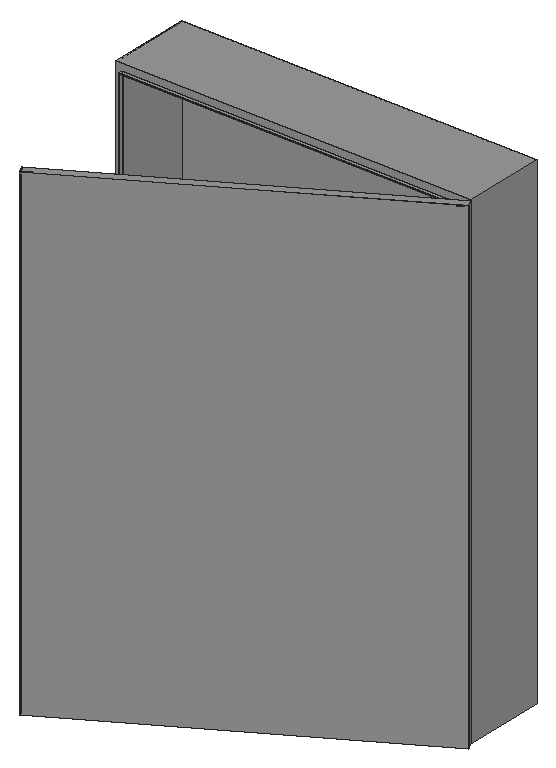
Revit family "Hager-Univers-IP44-D205-H1100-Cl.I-encl-NoHosted-PL-pl", category Electrical Equipment, Revit 2020
Family settings
  Panel Configuration = Two Columns, Circuits Across
  Round Connector Dimension = Use Diameter
  Part Type = Panelboard
  Work Plane-Based = Yes
  Always vertical = Yes
  Cut with Voids When Loaded = No
  Shared = No
  Room Calculation Point = No
Parameters (values of type "Montaż natynkowy IP44 S800 W1100 G205  - FP73TN2")
  Width Control [instance] = if([EF000008 - Szerokość] > Min Width, [EF000008 - Szerokość], Min Width)  # 800 mm
  Type Comments = [HG000003 - Zakres]  # "Univers"
  Thickness Door [instance] = if([EF009171 - Drzwi/pokrywa z materiału o wysokiej wytrzymałości mechanicznej] > 3 mm, 3 mm, [EF009171 - Drzwi/pokrywa z materiału o wysokiej wytrzymałości mechanicznej])  # 1 mm
  Seal Frame Offset [instance] = 17 mm  # constant formula
  Plinth Visibility [instance] = [HG000027 - Wysokość cokołu] > 0 mm  # no
  Min Width [instance] = 100 mm  # constant formula
  Min Depth [instance] = (2 * [EF009170 - Obudowa z materiału o wysokiej wytrzymałości mechanicznej]) + 1 mm  # 3 mm
  Min Height [instance] = 100 mm  # constant formula
  Internal Frame Depth [instance] = (Door System Depth * 0.5)  # 9 mm
  Panel Name [instance] = ""  # (empty or 0)
  Model = ""
  HG000027 - Wysokość cokołu = 0 mm
  HG000026 - Stojąca = no
  HG000024 - Wysokość części dolnej = 600 mm
  HG000023 - Obudowa dwusekcyjna = no
  HG000016 - Widoczność drzwi w widoku 3D [instance] = yes
  HG000015 - Przestrzeń robocza - otwarcie drzwi [instance] = no
  HG000014 - Drzwi prawe [instance] = yes
  HG000013 - Drzwi lewe [instance] = not([HG000014 - Drzwi prawe])  # no
  HG000012 - Kąt otwarcia drzwi [instance] = 30.00°
  HG000010 - Drzwi asymetryczne = no
  HG000009 - Drzwi dwuskrzydłowe = no
  HG000006 - Montaż podtynkowy = no
  HG000004 - Referencja producenta = "FP73TN2"
  HG000003 - Zakres = "Univers"
  HG000002 - Z drzwiami lub pokrywą = yes
  Frame Offset Bottom [instance] = 10 mm  # constant formula
  Frame Offset [instance] = 15 mm  # constant formula
  EF015940 - Pokrywa z wyzwalaczem nadciśnieniowym = no
  EF011959 - Stopień ochrony (NEMA) = ""
  EF009554 - Liczba otworów pod flansze = 6
  EF009212 - Wykonanie pokrywy = "EV000116 - Zamknięty"
  EF009171 - Drzwi/pokrywa z materiału o wysokiej wytrzymałości mechanicznej = 1 mm
  EF009170 - Obudowa z materiału o wysokiej wytrzymałości mechanicznej = 1 mm
  EF008873 - Prąd znamionowy (In) = 250 A
  EF007800 - Do ochrony odgromowej = no
  EF006306 - Z zamkiem = no
  EF006244 - Transparentna pokrywa/drzwi = no
  EF005474 - Stopień ochrony (IP) = "EV006418 - IP44"
  EF004464 - Rodzaj drzwi = "EV002646 - Pojedynczy"
  EF004427 - Liczba modułów = 252
  EF004293 - Odporność udarowa = "EV006815 - IK09"
  EF003532 - Do zastosowań zewnętrznych = no
  EF002950 - Szerokość wyrażona liczbą modułów = 36
  EF001613 - Podtrzymanie funkcji = "EV000494 - Brak"
  EF001596 - Materiał obudowy = "EV000179 - Stal"
  EF001131 - Głębokość wewnętrzna = 130 mm
  EF001088 - Możliwość rozbudowy = yes
  EF000437 - Liczba wejść kablowych = 6
  EF000339 - Rodzaj pokrywy = "EV001012 - Pokrywa"
  EF000266 - Liczba rzędów = 7
  EF000218 - Głębokość wbudowania = 205 mm
  EF000118 - Z płytą montażową = no
  EF000116 - Numer RAL = "9010"
  EF000049 - Głębokość = 205 mm
  EF000040 - Wysokość = 1100 mm
  EF000008 - Szerokość = 800 mm
  EF000007 - Kolor = "EV000202 - Biały"
  EF000003 - Sposób montażu = "EV000384 - Montaż natynkowy"
  Door System Leaf Tolerance [instance] = 1.5 mm  # constant formula
  Door System Depth [instance] = 18 mm  # constant formula
  Door Height [instance] = Height Control - [HG000027 - Wysokość cokołu]  # 1100 mm
  Description = ""
  Default Elevation = 1219.2 mm
  Connector Offset [instance] = Height Control / 2  # 550 mm
  Manufacturer = "Hager"  # constant formula
  Height Control [instance] = if([EF000040 - Wysokość] > Min Height, [EF000040 - Wysokość], Min Height)  # 1100 mm
  Depth Control [instance] = if([EF000049 - Głębokość] > Min Depth, [EF000049 - Głębokość], Min Depth)  # 205 mm
  Bottom Top Plate Trim [instance] = 1.5 mm  # constant formula
  Plinth height Ctrl [instance] = if([HG000027 - Wysokość cokołu] > 0 mm, [HG000027 - Wysokość cokołu], 12 mm)  # 12 mm
Types (4, lengths in mm): name | Width Control | HG000010 - Drzwi asymetryczne | HG000009 - Drzwi dwuskrzydłowe | HG000004 - Referencja producenta | EF009554 - Liczba otworów pod flansze | EF004464 - Rodzaj drzwi | EF004427 - Liczba modułów | EF002950 - Szerokość wyrażona liczbą modułów | EF000437 - Liczba wejść kablowych | EF000008 - Szerokość
  Montaż natynkowy IP44 S1300 W1100 G205  - FP75TN2 | 1300 | yes | yes | "FP75TN2" | 10 | "EV003602 - Podwójny" | 420 | 60 | 10 | 1300
  Montaż natynkowy IP44 S300 W1100 G205  - FP71TN2 | 300 | no | no | "FP71TN2" | 2 | "EV002646 - Pojedynczy" | 84 | 12 | 2 | 300
  Montaż natynkowy IP44 S550 W1100 G205  - FP72TN2 | 550 | no | no | "FP72TN2" | 4 | "EV002646 - Pojedynczy" | 168 | 24 | 4 | 550
  Montaż natynkowy IP44 S800 W1100 G205  - FP73TN2 | 800 | no | no | "FP73TN2" | 6 | "EV002646 - Pojedynczy" | 252 | 36 | 6 | 800
Reference planes
  plane 1 "Center (Front/Back)": y = 0
  plane 2: z = 0
  plane 3 "Center (Left/Right)": x = 0
  plane 4: y = 0
  plane 5: y = 0
  plane 6: z = 0
  plane 7: x = -400
  plane 8: x = 400
  plane 9: x = 399
  plane 10: x = -399
  plane 11: z = 0
  plane 12: z = 1
  plane 13: y = -205
  plane 14: y = -1
  plane 15: x = 0
  plane 16: y = -187
  plane 17: y = -204
  plane 18: y = -186
  plane 19: x = -384
  plane 20: x = 384
  plane 21: z = 11
  plane 22: x = -383
  plane 23: x = 383
  plane 24: z = 0
  plane 25: z = 1100
  plane 26: z = 1100
  plane 27: z = 1084
  plane 28: z = 1099
Forms (mm)
  Extrusion 1, solid, material "Hager_Steel_RAL7035_Light_Grey", detail levels medium+fine
    sketch origin (-208.679, -4572, 0) x (-1, 0, 0) y (0, -1, 0)
      loop
        line (191.321, -4385) -> (-608.679, -4385) -> (-608.679, -4572) -> (191.321, -4572) -> (191.321, -4385)
    from 0 to 1100
  Extrusion 2, void
    sketch origin (-350.771, -205, 1219.2) x (1, 0, 0) y (0, 0, 1)
      loop
        line (-48.229, -120.2) -> (-48.229, -1218.2) -> (749.771, -1218.2) -> (749.771, -120.2) -> (-48.229, -120.2)
    from -19 to -204
  Extrusion 3, void
    sketch origin (-290.084, -187, 1219.2) x (1, 0, 0) y (0, 0, 1)
      loop
        line (-93.916, -1208.2) -> (674.084, -1208.2) -> (674.084, -135.2) -> (-93.916, -135.2) -> (-93.916, -1208.2)
    from 0 to -1
  Extrusion 4, solid, material "Hager_Steel_RAL7035_Light_Grey", visible <- "Plinth Visibility", detail levels medium+fine
    sketch origin (0, 0, 0) x (1, 0, 0) y (0, 1, 0)
      loop
        line (-400, 0) -> (-400, -187) -> (400, -187) -> (400, 0) -> (-400, 0)
    from 0 to 12 <- "Plinth height Ctrl"
  Extrusion 5, solid, material "Hager_Steel_RAL7035_Light_Grey", detail levels coarse
    sketch origin (0, 0, 0) x (1, 0, 0) y (0, 1, 0)
      loop
        line (-400, 0) -> (-400, -205) -> (400, -205) -> (400, 0) -> (-400, 0)
    from 0 to 1100 <- "Height Control"
  Sweep 6, void
    path in 3D
      loop
        line (-400, -187, 12) -> (400, -187, 12) -> (400, 0, 12) -> (-400, 0, 12) -> (-400, -187, 12)
    profile origin (-400, -93.5, 12) x (1, 0, 0) y (0, 0, 1)
      loop
        line (0, 0) -> (0, -1.5) -> (1.5, -1.5)
        arc (1.5, -1.5) -> (1.061, -0.439) -> (0, 0) r 1.5
  Extrusion 7, solid, material "Hager_Steel_RAL7035_Light_Grey", detail levels fine
    sketch origin (-400, -187, 0) x (1, 0, 0) y (0, 0, 1)
      loop
        line (16, 11) -> (784, 11) -> (784, 1084) -> (16, 1084) -> (16, 11)
      loop
        line (15, 10) -> (785, 10) -> (785, 1085) -> (15, 1085) -> (15, 10)
    from 0 to 9 <- "Internal Frame Depth"
Cuts and joins
  Extrusion 2, Extrusion 3 cuts Extrusion 1
  Sweep 6 cuts Extrusion 4
Lines and regions (mm)
  Masking region 1
    outline origin (0, 0, 0) x (1, 0, 0) y (0, 1, 0)
      loop
        line (-400, 0) -> (-400, -205) -> (400, -205) -> (400, 0) -> (-400, 0)
  Masking region 2, detail levels coarse
    outline origin (-290.084, -187, 1219.2) x (-1, 0, 0) y (0, 0, 1)
      loop
        line (-690.084, -1219.2) -> (109.916, -1219.2) -> (109.916, -119.2) -> (-690.084, -119.2) -> (-690.084, -1219.2)
  Masking region 3, detail levels coarse
    outline origin (0, 0, 0) x (0, 1, 0) y (0, 0, 1)
      loop
        line (0, 0) -> (0, 1100) -> (-205, 1100) -> (-205, 0) -> (0, 0)
  Masking region 4, visible <- "Plinth Visibility", detail levels medium+fine
    outline origin (0, 0, 0) x (0, 1, 0) y (0, 0, 1)
      loop
        line (-1.5, 12) -> (-185.5, 12)
        arc (-185.5, 12) -> (-185.939, 10.939) -> (-187, 10.5) r 1.5
        line (-187, 10.5) -> (-187, 0) -> (0, 0) -> (0, 10.5)
        arc (0, 10.5) -> (-1.061, 10.939) -> (-1.5, 12) r 1.5
  Masking region 5, detail levels medium+fine
    outline origin (0, 0, 594.038) x (0, 1, 0) y (0, 0, 1)
      loop
        line (0, -594.038) -> (0, 505.962) -> (-187, 505.962) -> (-187, -594.038) -> (0, -594.038)
  Masking region 6, detail levels medium+fine
    outline origin (-359.7, -187, 1211.883) x (-1, 0, 0) y (0, 0, 1)
      loop
        line (-759.7, -1211.883) -> (40.3, -1211.883) -> (40.3, -111.883) -> (-759.7, -111.883) -> (-759.7, -1211.883)
  Masking region 7, visible <- "Plinth Visibility", detail levels medium+fine
    outline origin (-320.334, -187, 1041.368) x (-1, 0, 0) y (0, 0, 1)
      loop
        line (-720.334, -1041.368) -> (79.666, -1041.368) -> (79.666, -1030.868)
        arc (79.666, -1030.868) -> (78.606, -1030.429) -> (78.166, -1029.368) r 1.5
        line (78.166, -1029.368) -> (-718.834, -1029.368)
        arc (-718.834, -1029.368) -> (-719.273, -1030.429) -> (-720.334, -1030.868) r 1.5
        line (-720.334, -1030.868) -> (-720.334, -1041.368)
  sketch lines
    curve 1: line (-400, 0, 12) -> (-400, -187, 12)
    curve 2: line (-400, -187, 12) -> (400, -187, 12)
    curve 3: line (400, 0, 12) -> (-400, 0, 12)
    curve 4: line (400, -187, 12) -> (400, 0, 12)
Dimensions and locks
  locked: plane 1 "Center (Front/Back)" to plane 5
  "EF009170 - Obudowa z materiału o wysokiej wytrzymałości mechanicznej": plane 7 to plane 10
  "EF009170 - Obudowa z materiału o wysokiej wytrzymałości mechanicznej": plane 8 to plane 9
  equal spacing: plane 7, plane 3 "Center (Left/Right)", plane 8
  "Width Control": plane 7 to plane 8
  "Depth Control": plane 4 to plane 13
  "EF009170 - Obudowa z materiału o wysokiej wytrzymałości mechanicznej": plane 4 to plane 14
  "Height Control": plane 25 to level
  "HG000027 - Wysokość cokołu": plane 11 to level
  "EF009170 - Obudowa z materiału o wysokiej wytrzymałości mechanicznej": plane 12 to plane 11
  "EF009170 - Obudowa z materiału o wysokiej wytrzymałości mechanicznej": plane 17 to plane 13
  "EF009170 - Obudowa z materiału o wysokiej wytrzymałości mechanicznej": plane 18 to plane 16
  "Frame Offset Bottom": plane 21 to plane 12
  "Frame Offset": plane 10 to plane 19
  "Frame Offset": plane 9 to plane 20
  "Door System Depth": plane 16 to plane 13
  "Seal Frame Offset": plane 7 to plane 22
  "Seal Frame Offset": plane 8 to plane 23
  "EF009170 - Obudowa z materiału o wysokiej wytrzymałości mechanicznej": plane 26 to plane 28
  "Frame Offset": plane 28 to plane 27
  "Connector Offset": plane 2 to connector elem
  "Bottom Top Plate Trim": profile plane to Sweep 6 sketch curve
  "Bottom Top Plate Trim": Sweep 6 sketch curve to Sweep 6 sketch curve
  "Plinth height Ctrl": Masking region 4 sketch curve to level
  "Plinth height Ctrl": Masking region 7 sketch curve to level
  "Thickness Door": Extrusion 7 sketch curve to Extrusion 7 sketch curve  (x4)
  "Bottom Top Plate Trim": radius of Sweep 6 sketch curve
  "Bottom Top Plate Trim": radius of Masking region 4 sketch curve  (x2)
  "Bottom Top Plate Trim": radius of Masking region 7 sketch curve  (x2)
  aligned and locked: Extrusion 2 sketch curve to plane 12
  aligned and locked: Extrusion 2 sketch curve to plane 9
  aligned and locked: Extrusion 2 sketch curve to plane 10
  aligned and locked: Extrusion 2 to plane 14
  aligned and locked: Extrusion 1 sketch curve to plane 4
  aligned and locked: plane 8 to Extrusion 1 sketch curve
  aligned and locked: plane 7 to Extrusion 1 sketch curve
  aligned and locked: Extrusion 2 to plane 18
  aligned and locked: Extrusion 3 sketch curve to plane 19
  aligned and locked: plane 20 to Extrusion 3 sketch curve
  aligned and locked: Extrusion 3 to Extrusion 2
  aligned and locked: Extrusion 3 sketch curve to plane 21
  aligned and locked: plane 3 "Center (Left/Right)" to nested 1
  aligned and locked: Extrusion 1 sketch curve to plane 16
  aligned and locked: Extrusion 4 sketch curve to cut or joined group of Extrusion 1, Extrusion 2, Extrusion 3
  aligned and locked: Masking region 1 sketch curve to plane 7
  aligned and locked: Masking region 1 sketch curve to plane 5
  aligned and locked: Masking region 1 sketch curve to plane 8
  aligned and locked: Masking region 2 sketch curve to level
  aligned and locked: level to Masking region 3 sketch curve
  aligned and locked: plane 1 "Center (Front/Back)" to Masking region 3 sketch curve
  aligned and locked: plane 13 to Masking region 3 sketch curve
  aligned and locked: plane 5 to Masking region 4 sketch curve
  aligned and locked: Masking region 2 sketch curve to plane 8
  aligned and locked: Masking region 2 sketch curve to plane 7
  aligned and locked: plane 7 to nested 2
  aligned and locked: nested 2 to plane 5
  aligned and locked: plane 5 to Masking region 5 sketch curve
  aligned and locked: plane 26 to Masking region 5 sketch curve
  aligned and locked: Extrusion 5 sketch curve to plane 8
  aligned and locked: Extrusion 5 sketch curve to plane 7
  aligned and locked: Extrusion 5 sketch curve to plane 5
  aligned and locked: Extrusion 3 sketch curve to plane 27
  aligned and locked: Extrusion 2 sketch curve to plane 28
  aligned and locked: Masking region 2 to plane 25
  aligned and locked: Extrusion 4 to plane 16
  aligned and locked: profile plane to Sweep 6 sketch curve
  aligned and locked: Masking region 5 sketch curve to plane 24
  aligned and locked: level to Masking region 4 sketch curve
  aligned and locked: Masking region 1 to plane 13
  aligned and locked: nested 1 to plane 16
  aligned and locked: Masking region 3 to plane 25
  aligned and locked: plane 16 to Masking region 4 sketch curve
  aligned and locked: Masking region 5 sketch curve to plane 16
  aligned and locked: plane 24 to plane 11
  aligned and locked: plane 26 to plane 25
  aligned and locked: plane 26 to cut or joined group of Extrusion 1, Extrusion 2, Extrusion 3
  aligned and locked: nested 1 to plane 24
  aligned and locked: Extrusion 1 to Extrusion 3
  aligned and locked: Masking region 6 sketch curve to plane 8
  aligned and locked: Masking region 6 sketch curve to plane 24
  aligned and locked: Masking region 6 sketch curve to plane 7
  aligned and locked: Masking region 6 sketch curve to plane 26
  aligned and locked: Masking region 7 sketch curve to plane 7
  aligned and locked: level to Masking region 7 sketch curve
  aligned and locked: Masking region 7 sketch curve to plane 8
  aligned and locked: Extrusion 7 sketch curve to cut or joined group of Extrusion 1, Extrusion 2, Extrusion 3  (x4)
Automatic sketch dimensions
  plane 19 to Extrusion 3 sketch curve = 0 mm
  Extrusion 3 sketch curve to plane 20 = 0 mm
  Extrusion 3 sketch curve to plane 21 = 0 mm
  Extrusion 4 sketch curve to plane 7 = 0 mm
  Extrusion 4 sketch curve to plane 8 = 0 mm
  Extrusion 4 sketch curve to plane 16 = 0 mm
  Masking region 1 sketch curve to plane 13 = 0 mm
  Masking region 2 sketch curve to plane 25 = 0 mm
  Masking region 3 sketch curve to plane 25 = 0 mm
  Extrusion 5 sketch curve to plane 13 = 0 mm
  profile plane to Sweep 6 sketch curve = 0 mm
Nested families
  nested 1: "EC000058_Univers_Door" at (0, -187, 0), Double <- "HG000009 - Drzwi dwuskrzydłowe", Transparent <- "EF006244 - Transparentna pokrywa/drzwi", Angle <- "HG000012 - Kąt otwarcia drzwi", Door_Right <- "HG000014 - Drzwi prawe", Assymetrical <- "HG000010 - Drzwi asymetryczne", Door <- "HG000002 - Z drzwiami lub pokrywą", Width_Ctrl <- "Width Control", 3d_Door <- "HG000016 - Widoczność drzwi w widoku 3D", Clearance <- "HG000015 - Przestrzeń robocza - otwarcie drzwi", Door_Left <- "HG000013 - Drzwi lewe", Width <- "Width Control", Door_Depth <- "Door System Depth", Leaf_Tolerance <- "Door System Leaf Tolerance", Height <- "Door Height", Lock_Visibility <- "EF006306 - Z zamkiem", Thickness <- "Thickness Door", type "EC000058_Univers_Door", detail levels medium+fine
    with min_wh 3 mm, Width_Ctrl 800 mm, Width 800 mm, Transparent no, Thickness 1 mm, Seal_Material Hager_Rubber, Lock_Visibility no, Lock_Material Hager_Plastic_RAL9005_Jet_Black, Leaf_Width 800 mm, Leaf_Tolerance_External_Sides 0 mm, Leaf_Tolerance 1.5 mm, Leaf_Offset 0 mm, Leaf_Height 1097 mm, Leaf_2_Width 800 mm, Leaf_2_Offset 400 mm, Leaf_1_Width 800 mm, Leaf_1_Offset 400 mm, Height_Ctrl 1100 mm, Height 1100 mm, Glass_Material Hager_Glass, Double_Clearance_Ctrl no, Double no, Door_Right_Ctrl yes, Door_Right yes, Door_Material Hager_Steel_RAL7035_Light_Grey, Door_Left_Ctrl no, Door_Left no, Door_Depth 18 mm, Door yes, Clearance_Material Hager_Clearance, Clearance_Depth 800 mm, Clearance_Ctrl no, Clearance no, Assymetrical no, Angle 30.00°, 3d_Door yes
  nested 2: "Hager_Enclosure_Symbol" at (-400, 0, 0), Height <- "Depth Control", Width <- "Width Control", type "Hager_Enclosure_Symbol"
    with Width_Ctrl 800 mm, Width 800 mm, Height_Ctrl 205 mm, Height 205 mm, A_Width_Int 13.453 mm, A_Width 161.438 mm, A_Height_Ctrl 179.375 mm, A_Height 179.375 mm
Connectors
  electrical at (0, 0, 550)
    settings: on plane 1 "Center (Front/Back)", index 1, voltage 0 V, apparent load 0 VA, apparent load phase1 0 VA, apparent load phase2 0 VA, apparent load phase3 0 VA, power factor 1, load classification "Other", number of poles 1, system type 30, power factor state 1, is connector primary yes, connector utility no, sub classification motor no, connector description ""
Definition of nested family "EC000058_Univers_Door"
  Parameters (values of type "EC000058_Univers_Door")
    min_wh [instance] = (2 * Thickness) + 1 mm  # 11 mm
    Width_Ctrl [instance] = 400 mm
    Width [instance] = 500 mm
    Transparent [instance] = yes
    Thickness [instance] = 5 mm
    Seal_Material [instance] = none
    Lock_Visibility [instance] = yes
    Lock_Material [instance] = none
    Leaf_Width [instance] = if((Width_Ctrl - 2 * Leaf_Tolerance_External_Sides) > 0 mm, (Width_Ctrl - 2 * Leaf_Tolerance_External_Sides), min_wh)  # 400 mm
    Leaf_Tolerance_External_Sides [instance] = 0 mm  # constant formula
    Leaf_Tolerance [instance] = 1.5 mm
    Leaf_Offset [instance] = 0 mm  # constant formula
    Leaf_Height [instance] = if((Height_Ctrl - 2 * Leaf_Tolerance) > 0 mm, (Height_Ctrl - 2 * Leaf_Tolerance), min_wh)  # 497 mm
    Leaf_2_Width [instance] = if(and(and(Double, Assymetrical), Door_Left), (Leaf_Width / 3) - (Leaf_Tolerance / 2), if(and(and(Double, Assymetrical), Door_Right), (Leaf_Width / 3) * 2 - (Leaf_Tolerance / 2), if(and(Double, not(Assymetrical)), (Leaf_Width / 2) - Leaf_Tolerance, Leaf_Width)))  # 400 mm
    Leaf_2_Offset [instance] = if(and(Double, Assymetrical), Leaf_2_Width / 2, if(and(Double, not(Assymetrical)), Leaf_Width / 4, Leaf_Width / 2))  # 200 mm
    Leaf_1_Width [instance] = if(and(and(Double, Assymetrical), Door_Right), (Leaf_Width / 3) - (Leaf_Tolerance / 2), if(and(and(Double, Assymetrical), Door_Left), (Width / 3) * 2 - (Leaf_Tolerance / 2), if(and(Double, not(Assymetrical)), (Leaf_Width / 2) - Leaf_Tolerance, Leaf_Width)))  # 400 mm
    Leaf_1_Offset [instance] = if(and(Double, Assymetrical), Leaf_1_Width / 2, if(and(Double, not(Assymetrical)), Leaf_Width / 4, Leaf_Width / 2))  # 200 mm
    Height_Ctrl [instance] = if(Height > min_wh, Height, min_wh)  # 500 mm
    Height [instance] = 500 mm
    Glass_Material [instance] = none
    Double_Clearance_Ctrl [instance] = and(Double, Clearance)  # no
    Double [instance] = no
    Door_Right_Ctrl [instance] = and(or(Door_Right, Double), Door)  # yes
    Door_Right [instance] = yes
    Door_Material [instance] = none
    Door_Left_Ctrl [instance] = and(or(Door_Left, Double), Door)  # no
    Door_Left [instance] = no
    Door_Depth [instance] = 30 mm
    Door [instance] = yes
    Default Elevation = 1219.2 mm
    Clearance_Material [instance] = none
    Clearance_Depth [instance] = if(Leaf_1_Width > Leaf_2_Width, Leaf_1_Width, Leaf_2_Width)  # 400 mm
    Clearance_Ctrl [instance] = and(not(Double), Clearance)  # yes
    Clearance [instance] = yes
    Assymetrical [instance] = yes
    Angle [instance] = 30.00°
    3d_Door [instance] = yes
  Reference planes
    plane 1 "Center (Front/Back)": y = 0
    plane 2 "Bottom": z = 0
    plane 3 "Center (Left/Right)": x = 0
    plane 4: z = 500
    plane 5: x = -200
    plane 6: x = 200
    plane 7: z = 500
    plane 8: x = -200
    plane 9: z = 0
    plane 10: x = 200
    plane 11: y = 0
    plane 12: z = 1.5
    plane 13: x = -600
    plane 14: y = -400
    plane 15: x = 600
    plane 16: x = 0
    plane 17: x = 0
    plane 18: x = -200
    plane 19: x = 200
    plane 20: z = 498.5
  Forms (mm)
    Extrusion 1, solid, material <- "Clearance_Material", visible <- "Double_Clearance_Ctrl"
      sketch origin (1200, 0, 0) x (1, 0, 0) y (0, 0, -1)
        loop
          line (-1800, -498.5) -> (-600, -498.5) -> (-600, 0) -> (-1800, 0) -> (-1800, -498.5)
      from 0 to -400
  Dimensions and locks
    equal spacing: plane 5, plane 3 "Center (Left/Right)", plane 6
    "Width_Ctrl": plane 5 to plane 6
    "Leaf_Offset": plane 5 to plane 8
    "Leaf_Offset": plane 6 to plane 10
    "Leaf_Offset": plane 9 to level
    "Leaf_Offset": plane 4 to plane 7
    "Height_Ctrl": plane 4 to level
    "Leaf_Tolerance": plane 12 to plane 9
    locked: plane 11 to plane 1 "Center (Front/Back)"
    "Leaf_1_Offset": plane 18 to plane 16
    "Leaf_2_Offset": plane 17 to plane 19
    "Leaf_1_Width": plane 13 to plane 8
    "Leaf_2_Width": plane 10 to plane 15
    "Clearance_Depth": plane 14 to plane 1 "Center (Front/Back)"
    "Leaf_Tolerance_External_Sides": plane 8 to plane 18
    "Leaf_Tolerance_External_Sides": plane 19 to plane 10
    "Leaf_Tolerance": plane 7 to plane 20
    aligned and locked: level to plane 2 "Bottom"
    aligned and locked: nested 1 to plane 16
    aligned and locked: nested 2 to plane 17
    aligned and locked: Extrusion 1 to plane 13
    aligned and locked: plane 15 to Extrusion 1
    aligned and locked: Extrusion 1 to plane 14
    aligned and locked: plane 12 to nested 1
    aligned and locked: nested 2 to plane 12
    aligned and locked: Extrusion 1 to plane 11
    aligned and locked: plane 20 to Extrusion 1
    aligned and locked: nested 2 to plane 11
    aligned and locked: nested 1 to plane 11
  Automatic sketch dimensions
    Extrusion 1 sketch curve to level = 0 mm
    plane 5 to Extrusion 1 sketch curve = 400 mm
    plane 6 to Extrusion 1 sketch curve = 400 mm
    Extrusion 1 sketch curve to plane 4 = 1.5 mm
  Nested families
    nested 1: "EC000058_Univers_Door_Leaf" at (0, 0, 1.5), Width <- "Leaf_1_Width", visible <- "Door_Left_Ctrl", Leaf_Height <- "Leaf_Height", Angle <- "Angle", 3d_Door <- "3d_Door", Transparent <- "Transparent", Clearance Material <- "Clearance_Material", Clearance <- "Clearance_Ctrl", Door_Material <- "Door_Material", Glass_Material <- "Glass_Material", Door_Depth <- "Door_Depth", Lock_Material <- "Lock_Material", Seal_Material <- "Seal_Material", Lock_Visibility <- "Lock_Visibility", Thickness <- "Thickness", type "EC000058_Univers_Door_Leaf"
      with Width 400 mm, Transparent_Glass_Offset 30 mm, Transparent_Ctrl yes, Transparent yes, Thickness 5 mm, Standard no, Seal_Material none, Seal_D2 8 mm, Seal_D1 1 mm, Offset_Internal_Frame 10 mm, Lock_Width 20 mm, Lock_Visibility_3d yes, Lock_Visibility yes, Lock_Thickness_3 3 mm, Lock_Thickness_2 1 mm, Lock_Thickness_1 3 mm, Lock_Radius_Offset_2 16 mm, Lock_Radius_Offset_1 15 mm, Lock_Radius_2 5 mm, Lock_Radius 6 mm, Lock_Offset 5 mm, Lock_Material none, Lock_Height 80 mm, Lock_Cover_Top_Offset_2d 17 mm, Lock_Cover_Height -65 mm, Leaf_Height 497 mm, Internal_Seal_Thickness 8 mm, Internal_Seal_Depth_2 4.5 mm, Internal_Frame_Depth 25 mm, Glass_Thickness -1 mm, Glass_Offset -2 mm, Glass_Material none, Door_Material none, Door_Depth 30 mm, Clearance Material none, Clearance yes, Angle_Ctrl 30.00°, Angle 30.00°, 3d_Door yes
    nested 2: "EC000058_Univers_Door_Leaf" at (0, 0, 1.5) x (-1, 0, 0) z (0, 0, 1), Width <- "Leaf_2_Width", visible <- "Door_Right_Ctrl", Leaf_Height <- "Leaf_Height", Angle <- "Angle", 3d_Door <- "3d_Door", Transparent <- "Transparent", Clearance Material <- "Clearance_Material", Clearance <- "Clearance_Ctrl", Door_Material <- "Door_Material", Glass_Material <- "Glass_Material", Door_Depth <- "Door_Depth", Lock_Material <- "Lock_Material", Seal_Material <- "Seal_Material", Lock_Visibility <- "Lock_Visibility", Thickness <- "Thickness", type "EC000058_Univers_Door_Leaf"
      with Width 400 mm, Transparent_Glass_Offset 30 mm, Transparent_Ctrl yes, Transparent yes, Thickness 5 mm, Standard no, Seal_Material none, Seal_D2 8 mm, Seal_D1 1 mm, Offset_Internal_Frame 10 mm, Lock_Width 20 mm, Lock_Visibility_3d yes, Lock_Visibility yes, Lock_Thickness_3 3 mm, Lock_Thickness_2 1 mm, Lock_Thickness_1 3 mm, Lock_Radius_Offset_2 16 mm, Lock_Radius_Offset_1 15 mm, Lock_Radius_2 5 mm, Lock_Radius 6 mm, Lock_Offset 5 mm, Lock_Material none, Lock_Height 80 mm, Lock_Cover_Top_Offset_2d 17 mm, Lock_Cover_Height -65 mm, Leaf_Height 497 mm, Internal_Seal_Thickness 8 mm, Internal_Seal_Depth_2 4.5 mm, Internal_Frame_Depth 25 mm, Glass_Thickness -1 mm, Glass_Offset -2 mm, Glass_Material none, Door_Material none, Door_Depth 30 mm, Clearance Material none, Clearance yes, Angle_Ctrl 30.00°, Angle 30.00°, 3d_Door yes
  Definition of nested family "EC000058_Univers_Door_Leaf"
    Parameters (values of type "EC000058_Univers_Door_Leaf")
      Width [instance] = 2000 mm
      Transparent_Glass_Offset [instance] = 30 mm
      Transparent_Ctrl [instance] = and(Transparent, [3d_Door])  # yes
      Transparent [instance] = yes
      Thickness [instance] = 5 mm
      Standard [instance] = and(not(Transparent), [3d_Door])  # no
      Seal_Material [instance] = none
      Seal_D2 [instance] = 8 mm  # constant formula
      Seal_D1 [instance] = 1 mm  # constant formula
      Offset_Internal_Frame [instance] = 10 mm  # constant formula
      Lock_Width [instance] = 20 mm  # constant formula
      Lock_Visibility_3d [instance] = and(Lock_Visibility, [3d_Door])  # yes
      Lock_Visibility [instance] = yes
      Lock_Thickness_3 [instance] = 3 mm  # constant formula
      Lock_Thickness_2 [instance] = 1 mm  # constant formula
      Lock_Thickness_1 [instance] = 3 mm  # constant formula
      Lock_Radius_Offset_2 [instance] = Lock_Radius_Offset_1 + 1 mm  # 16 mm
      Lock_Radius_Offset_1 [instance] = 15 mm  # constant formula
      Lock_Radius_2 [instance] = Lock_Radius - 1 mm  # 5 mm
      Lock_Radius [instance] = 6 mm  # constant formula
      Lock_Offset [instance] = 5 mm  # constant formula
      Lock_Material [instance] = none
      Lock_Height [instance] = 80 mm  # constant formula
      Lock_Cover_Top_Offset_2d [instance] = Lock_Radius_Offset_2 + 1 mm  # 17 mm
      Lock_Cover_Height [instance] = -(Lock_Height - Lock_Radius_Offset_1)  # -65 mm
      Leaf_Height [instance] = 2720.336 mm
      Internal_Seal_Thickness [instance] = 8 mm  # constant formula
      Internal_Seal_Depth_2 [instance] = 4.5 mm  # constant formula
      Internal_Frame_Depth [instance] = if(Door_Depth - Thickness > 5 mm, Door_Depth - Thickness, 5 mm)  # 25 mm
      Glass_Thickness [instance] = if(Thickness > 15 mm, Glass_Offset + 10 mm, -1 mm)  # -1 mm
      Glass_Offset [instance] = if(Thickness > 15 mm, -(Thickness + 10 mm) / 2, -2 mm)  # -2 mm
      Glass_Material [instance] = none
      Door_Material [instance] = none
      Door_Depth [instance] = 30 mm
      Default Elevation = 0 mm
      Clearance Material [instance] = none
      Clearance [instance] = yes
      Angle_Ctrl [instance] = if(Angle > 180.00°, 180.00°, Angle)  # 90.00°
      Angle [instance] = 90.00°
      3d_Door [instance] = yes
    Reference planes
      plane 1 "Center (Front/Back)": y = 0
      plane 2: z = 0
      plane 3 "Center (Left/Right)": x = 0
      plane 4: y = 2000
      plane 5: x = -1000
      plane 6: x = 1000
      plane 7: x = -3000
      plane 8: z = 2720.336
      plane 9: z = 30
      plane 10: z = 2690.336
      plane 11: x = 970
      plane 12: x = -970
      plane 13: y = -3
      plane 14: z = 107.833
      plane 15: y = -5
      plane 16: y = -223.314
      plane 17: x = -1000
      plane 18: z = 1360.168
      plane 19: y = 30
    Forms (mm)
      Extrusion 1, solid, material <- "Clearance Material", visible <- "Clearance"
        sketch origin (0, 0, 0) x (1, 0, 0) y (0, 0, 1)
          loop
            line (-3000, 2720.336) -> (-3000, 0) -> (1000, 0) -> (1000, 2720.336) -> (-3000, 2720.336)
        from 0 to -2000
      Extrusion 2, solid, material <- "Door_Material", visible <- "Standard", detail levels medium+fine
        sketch origin (-1000, 0, 0) x (0, 1, 0) y (-1, 0, 0)
          loop
            line (0, 30) -> (0, 25) -> (2000, 25) -> (2000, 30) -> (0, 30)
        from 0 to 2720.336 <- "Leaf_Height"
      Extrusion 3, solid, material <- "Door_Material", visible <- "Transparent_Ctrl", detail levels medium+fine
        sketch origin (-1000, 0, 0) x (0, 1, 0) y (-1, 0, 0)
          loop
            line (0, 25) -> (2000, 25) -> (2000, 30) -> (0, 30) -> (0, 25)
        from 0 to 2720.336 <- "Leaf_Height"
      Extrusion 4, void
        sketch origin (-1025, 2000, 0) x (0, 1, 0) y (0, 0, -1)
          loop
            line (-30, -2690.336) -> (-30, -30) -> (-1970, -30) -> (-1970, -2690.336) -> (-30, -2690.336)
        from 0 to 5 <- "Thickness"
      Sweep 5, solid, material <- "Seal_Material", visible <- "Transparent_Ctrl", detail levels fine
        path in 3D
          loop
            line (-1025, 30, 30) -> (-1025, 30, 2690.336) -> (-1025, 1970, 2690.336) -> (-1025, 1970, 30) -> (-1025, 30, 30)
        profile origin (-1025, 1000, 30) x (1, 0, 0) y (0, 0, 1)
          loop
            line (0, 0) -> (0, -8) -> (1, -8) -> (1, 0) -> (0, 0)
      Extrusion 6, solid, material <- "Glass_Material", visible <- "Transparent_Ctrl", detail levels medium+fine
        sketch origin (-1030, 0, 0) x (0, 1, 0) y (0, 0, -1)
          loop
            line (1970, -2690.336) -> (1970, -30) -> (30, -30) -> (30, -2690.336) -> (1970, -2690.336)
        from -2 <- "Glass_Offset" to -1 <- "Glass_Thickness"
      Extrusion 7, solid, material <- "Door_Material", visible <- "3d_Door", detail levels medium+fine
        sketch origin (-1025, 2000, 0) x (0, -1, 0) y (0, 0, -1)
          loop
            line (0, -2720.336) -> (2000, -2720.336) -> (2000, 0) -> (0, 0) -> (0, -2720.336)
          loop
            line (1995, -5) -> (5, -5) -> (5, -2715.336) -> (1995, -2715.336) -> (1995, -5)
        from 0 to 25 <- "Internal_Frame_Depth"
      Sweep 8, solid, material <- "Seal_Material", visible <- "Transparent_Ctrl", detail levels fine
        path in 3D
          loop
            line (-1025, 0, 0) -> (-1025, 2000, 0) -> (-1025, 2000, 2720.336) -> (-1025, 0, 2720.336) -> (-1025, 0, 0)
        profile origin (-1025, 0, 1360.168) x (1, 0, 0) y (0, 1, 0)
          loop
            line (0, 10) -> (2.975, 10)
            arc (2.975, 10) -> (4.053, 10.447) -> (4.5, 11.525) r 1.525
            line (4.5, 11.525) -> (4.5, 16.527)
            arc (4.5, 16.527) -> (4.069, 17.569) -> (3.027, 18) r 1.473
            line (3.027, 18) -> (0, 18) -> (0, 10)
      Extrusion 9, solid, material <- "Lock_Material", visible <- "Lock_Visibility_3d", detail levels fine
        sketch origin (-1030, 0, 0) x (0, 1, 0) y (0, 0, -1)
          loop
            arc (1993.5, -1400.168) -> (1994.561, -1399.729) -> (1995, -1398.668) r 1.5
            line (1995, -1398.668) -> (1995, -1320.168) -> (1975, -1320.168) -> (1975, -1398.668)
            arc (1975, -1398.668) -> (1975.439, -1399.729) -> (1976.5, -1400.168) r 1.5
            line (1976.5, -1400.168) -> (1993.5, -1400.168)
        from 3 <- "Lock_Thickness_1" to 0
      Blend 10, solid, material <- "Lock_Material", visible <- "Lock_Visibility_3d", detail levels fine
        base sketch origin (-1033, 0, 0) x (0, 1, 0) y (0, 0, -1)
          loop
            line (1975, -1320.168) -> (1975, -1398.668)
            arc (1975, -1398.668) -> (1975.439, -1399.729) -> (1976.5, -1400.168) r 1.5
            line (1976.5, -1400.168) -> (1993.5, -1400.168)
            arc (1993.5, -1400.168) -> (1994.561, -1399.729) -> (1995, -1398.668) r 1.5
            line (1995, -1398.668) -> (1995, -1320.168) -> (1975, -1320.168)
        top sketch origin (-1033, 0, 0) x (0, 1, 0) y (0, 0, -1)
          loop
            line (1976, -1320.168) -> (1976, -1398.668)
            arc (1976, -1398.668) -> (1976.146, -1399.022) -> (1976.5, -1399.168) r 0.5
            line (1976.5, -1399.168) -> (1993.5, -1399.168)
            arc (1993.5, -1399.168) -> (1993.854, -1399.022) -> (1994, -1398.668) r 0.5
            line (1994, -1398.668) -> (1994, -1320.168) -> (1976, -1320.168)
        from 0 to 1 <- "Lock_Thickness_2"
      Blend 11, solid, material <- "Lock_Material", visible <- "Lock_Visibility_3d", detail levels fine
        base sketch origin (-1034, 0, 0) x (0, 1, 0) y (0, 0, -1)
          loop
            line (1978, -1320.168) -> (1978, -1384.168)
            arc (1978, -1384.168) -> (1985, -1391.168) -> (1992, -1384.168) r 7
            line (1992, -1384.168) -> (1992, -1320.168) -> (1978, -1320.168)
        top sketch origin (-1034, 0, 0) x (0, 1, 0) y (0, 0, -1)
          loop
            line (1991, -1320.168) -> (1979, -1320.168) -> (1979, -1383.168)
            arc (1979, -1383.168) -> (1985, -1389.168) -> (1991, -1383.168) r 6
            line (1991, -1383.168) -> (1991, -1320.168)
        from 0 to 3 <- "Lock_Thickness_3"
      Extrusion 12, solid, material <- "Lock_Material", visible <- "Lock_Visibility_3d", detail levels fine
        sketch origin (-1030, 1975, 1320.168) x (1, 0, 0) y (0, -1, 0)
          loop
            line (-7, -19) -> (-7, -1) -> (0, -1) -> (0, 0) -> (-8, 0) -> (-8, -20) -> (0, -20) -> (0, -19) -> (-7, -19)
        from 0 to -65 <- "Lock_Cover_Height"
      Extrusion 13, void
        sketch origin (-1038, 1995, 1320.168) x (-1, 0, 0) y (0, 0, -1)
          loop
            line (-5, -65) -> (0, -65) -> (-5, -60) -> (-5, -65)
        from 0 to 20 <- "Lock_Width"
      Extrusion 14, void
        sketch origin (-1038, 1975, 1320.168) x (0, -1, 0) y (0, 0, -1)
          loop
            circle (-10, -15.995) r 6
          loop
            circle (-10, -15.995) r 5
        from 0 to 2
      Extrusion 15, solid, material <- "Lock_Material", visible <- "Lock_Visibility_3d", detail levels medium
        sketch origin (-1030, 0, 0) x (0, 1, 0) y (0, 0, -1)
          loop
            arc (1993.5, -1400.168) -> (1994.561, -1399.729) -> (1995, -1398.668) r 1.5
            line (1995, -1398.668) -> (1995, -1320.168) -> (1975, -1320.168) -> (1975, -1398.668)
            arc (1975, -1398.668) -> (1975.439, -1399.729) -> (1976.5, -1400.168) r 1.5
            line (1976.5, -1400.168) -> (1993.5, -1400.168)
        from 8 to 0
    Cuts and joins
      Extrusion 4 cuts Extrusion 3
      Extrusion 13, Extrusion 14 cuts Extrusion 9
      Extrusion 14 cuts Blend 11
      Extrusion 13, Extrusion 14 cuts Extrusion 12
      joined: Extrusion 9, Blend 10, Blend 11, Extrusion 12
      Extrusion 14 cuts Extrusion 15
    Lines and regions (mm)
      Masking region 1, visible <- "Lock_Visibility", detail levels fine
        outline origin (0, 0, 0) x (0, 1, 0) y (0, 0, 1)
          loop
            line (30, 1320.168) -> (33, 1320.168) -> (33, 1400.168) -> (30, 1400.168) -> (30, 1320.168)
      Masking region 2, visible <- "Lock_Visibility", detail levels fine
        outline origin (0, 3.143, 0) x (0, 1, 0) y (0, 0, 1)
          loop
            line (29.857, 1354.168) -> (30.857, 1354.168) -> (30.857, 1366.168) -> (29.857, 1366.168) -> (29.857, 1354.168)
      Masking region 3, detail levels medium+fine
        outline origin (0, 0, 0) x (0, 1, 0) y (0, 0, 1)
          loop
            line (0, 0) -> (30, 0) -> (30, 2720.336) -> (0, 2720.336) -> (0, 0)
      Masking region 4, detail levels medium+fine
        outline origin (0, 0, 0) x (1, 0, 0) y (0, 0, 1)
          loop
            line (-1000, 2720.336) -> (-1000, 0) -> (1000, 0) -> (1000, 2720.336) -> (-1000, 2720.336)
      Masking region 5, visible <- "Lock_Visibility", detail levels fine
        outline origin (-47.116, 0, 0) x (1, 0, 0) y (0, 0, 1)
          loop
            arc (1024.616, 1399.168) -> (1023.556, 1398.729) -> (1023.116, 1397.668) r 1.5
            line (1023.116, 1397.668) -> (1023.116, 1320.168) -> (1041.116, 1320.168) -> (1041.116, 1397.668)
            arc (1041.116, 1397.668) -> (1040.677, 1398.729) -> (1039.616, 1399.168) r 1.5
            line (1039.616, 1399.168) -> (1024.616, 1399.168)
      Masking region 6, visible <- "Lock_Visibility", detail levels medium+fine
        outline origin (-25, 0, 0) x (1, 0, 0) y (0, 0, 1)
          loop
            arc (1001.5, 1400.168) -> (1000.439, 1399.729) -> (1000, 1398.668) r 1.5
            line (1000, 1398.668) -> (1000, 1320.168) -> (1020, 1320.168) -> (1020, 1398.668)
            arc (1020, 1398.668) -> (1019.561, 1399.729) -> (1018.5, 1400.168) r 1.5
            line (1018.5, 1400.168) -> (1001.5, 1400.168)
      Masking region 7, visible <- "Lock_Visibility", detail levels fine
        outline origin (-73.735, 0, 0) x (1, 0, 0) y (0, 0, 1)
          loop
            line (1051.735, 1382.168) -> (1065.735, 1382.168) -> (1065.735, 1384.168)
            arc (1065.735, 1384.168) -> (1058.735, 1391.168) -> (1051.735, 1384.168) r 7
            line (1051.735, 1384.168) -> (1051.735, 1382.168)
      Masking region 8, visible <- "Lock_Visibility", detail levels fine
        outline origin (-73.735, 0, 0) x (1, 0, 0) y (0, 0, 1)
          loop
            line (1052.735, 1382.168) -> (1064.735, 1382.168) -> (1064.735, 1383.168)
            arc (1064.735, 1383.168) -> (1058.735, 1389.168) -> (1052.735, 1383.168) r 6
            line (1052.735, 1383.168) -> (1052.735, 1382.168)
      Masking region 9, visible <- "Lock_Visibility", detail levels fine
        outline origin (-25, 0, 0) x (1, 0, 0) y (0, 0, 1)
          loop
            line (1020, 1320.168) -> (1020, 1382.168) -> (1000, 1382.168) -> (1000, 1320.168) -> (1020, 1320.168)
      Masking region 10, detail levels medium+fine
        outline origin (0, 0, 0) x (1, 0, 0) y (0, 0, 1)
          loop
            circle (985, 1335.144) r 6
      Masking region 11, detail levels fine
        outline origin (0, 0, 0) x (1, 0, 0) y (0, 0, 1)
          loop
            circle (985, 1335.144) r 5
      Masking region 12, visible <- "Lock_Visibility", detail levels fine
        outline origin (0, 12.767, 0) x (0, 1, 0) y (0, 0, 1)
          loop
            line (20.233, 1320.168) -> (21.233, 1320.168) -> (21.233, 1399.168) -> (20.233, 1400.168) -> (20.233, 1320.168)
      Masking region 13, visible <- "Lock_Visibility", detail levels fine
        outline origin (0, 13.767, -10) x (0, 1, 0) y (0, 0, 1)
          loop
            line (20.233, 1330.168) -> (23.233, 1330.168) -> (23.233, 1399.168) -> (20.233, 1402.168) -> (20.233, 1330.168)
      Masking region 14, visible <- "Lock_Visibility", detail levels fine
        outline origin (0, 12.767, -10) x (0, 1, 0) y (0, 0, 1)
          loop
            line (20.233, 1330.168) -> (25.233, 1330.168) -> (25.233, 1399.305) -> (20.233, 1394.305) -> (20.233, 1330.168)
      Masking region 15, visible <- "Lock_Visibility", detail levels medium
        outline origin (0, 0, 0) x (0, 1, 0) y (0, 0, 1)
          loop
            line (30, 1320.168) -> (38, 1320.168) -> (38, 1400.168) -> (30, 1400.168) -> (30, 1320.168)
      Masking region 16, visible <- "Lock_Visibility", detail levels fine
        outline origin (-1000, 0, 0) x (0, 1, 0) y (-1, 0, 0)
          loop
            line (1975, 30) -> (1995, 30) -> (1995, 38) -> (1975, 38) -> (1975, 30)
          loop
            line (1979, 37) -> (1976, 37) -> (1976, 34) -> (1978, 34) -> (1979, 37)
          loop
            line (1994, 37) -> (1991, 37) -> (1992, 34) -> (1994, 34) -> (1994, 37)
      Masking region 17, visible <- "Lock_Visibility", detail levels medium
        outline origin (-1000, 0, 0) x (0, 1, 0) y (-1, 0, 0)
          loop
            line (1975, 30) -> (1995, 30) -> (1995, 38) -> (1975, 38) -> (1975, 30)
      symbolic lines
        curve 1: line (1000, 0, 0) -> (-3000, 0, 0)
        curve 2: arc (1000, 0, 0) -> (-1000, 2000, 0) -> (-3000, 0, 0) r 2000
        curve 4: line (-1030, 0, 0) -> (-1030, 2000, 0)
      reference lines
        curve 3: line (-1000, 0, 0) -> (-1000, 2000, 0)
      symbolic lines, detail levels medium+fine
        curve 5: line (-1030, 2000, 0) -> (-1025, 2000, 0)
        curve 7: line (-1025, 0, 0) -> (-1030, 0, 0)
        curve 8: line (-1025, 0, 0) -> (-1000, 0, 0)
        curve 9: line (-1000, 0, 0) -> (-1000, 2000, 0)
        curve 10: line (-1000, 2000, 0) -> (-1025, 2000, 0)
      symbolic lines, detail levels fine
        curve 6: line (-1025, 2000, 0) -> (-1025, 0, 0)
      sketch lines
        curve 11: line (-1025, 0, 2720.336) -> (-1025, 0, 0)
        curve 12: line (-1025, 2000, 0) -> (-1025, 0, 0)
        curve 13: line (-1025, 2000, 2720.336) -> (-1025, 2000, 0)
        curve 14: line (-1025, 0, 2720.336) -> (-1025, 2000, 2720.336)
        curve 15: line (-1025, 1970, 30) -> (-1025, 30, 30)
        curve 16: line (-1025, 30, 30) -> (-1025, 30, 2690.336)
        curve 17: line (-1025, 1970, 2690.336) -> (-1025, 1970, 30)
        curve 18: line (-1025, 30, 2690.336) -> (-1025, 1970, 2690.336)
      symbolic lines, visible <- "Transparent", detail levels medium+fine
        curve 19: line (-970, 0, 2690.336) -> (970, 0, 2690.336)
        curve 20: line (-970, 0, 30) -> (-970, 0, 2690.336)
        curve 21: line (970, 0, 30) -> (-970, 0, 30)
        curve 22: line (970, 0, 2690.336) -> (970, 0, 30)
    Dimensions and locks
      "Width": plane 1 "Center (Front/Back)" to plane 4
      equal spacing: plane 5, plane 3 "Center (Left/Right)", plane 6
      "Width": plane 5 to plane 6
      "Width": plane 7 to plane 5
      "Leaf_Height": plane 8 to level
      "Width": curve 5 to curve 3
      "Width": curve 3 to curve 3
      plane 8 to plane 10 = 30 mm
      plane 9 to level = 30 mm
      plane 12 to plane 5 = 30 mm
      plane 6 to plane 11 = 30 mm
      Extrusion 1 to Extrusion 4 sketch curve = 30 mm
      "Transparent_Glass_Offset": curve 3 to Extrusion 4 sketch curve
      "Transparent_Glass_Offset": Extrusion 4 sketch curve to cut or joined group of Extrusion 3, Extrusion 4  (x2)
      cut or joined group of Extrusion 3, Extrusion 4 to Extrusion 6 sketch curve = 30 mm
      "Transparent_Glass_Offset": cut or joined group of Extrusion 3, Extrusion 4 to Extrusion 4 sketch curve
      "Thickness": curve 6 to curve 4
      "Thickness": Extrusion 7 sketch curve to Extrusion 7 sketch curve  (x4)
      "Door_Depth": curve 4 to curve 3
      "Offset_Internal_Frame": profile plane to Sweep 8 sketch curve
      "Internal_Seal_Thickness": Sweep 8 sketch curve to Sweep 8 sketch curve
      "Internal_Seal_Depth_2": profile plane to Sweep 8 sketch curve
      "Seal_D1": profile plane to Sweep 5 sketch curve
      "Seal_D2": profile plane to Sweep 5 sketch curve
      "Thickness": Extrusion 2 sketch curve to Extrusion 2 sketch curve
      equal spacing: Extrusion 9 sketch curve, plane 18, Extrusion 9 sketch curve  (x2)
      equal spacing: Masking region 1 sketch curve, plane 18, Masking region 1 sketch curve
      "Lock_Height": Masking region 1 sketch curve to Masking region 1 sketch curve
      "Lock_Radius": Masking region 2 sketch curve to plane 18 to Masking region 2 sketch curve
      Masking region 2 sketch curve to Masking region 1 = 1 mm
      "Door_Depth": plane 19 to plane 1 "Center (Front/Back)"
      "Lock_Thickness_1": Masking region 1 sketch curve to plane 19
      "Lock_Width": Extrusion 9 sketch curve to Extrusion 9 sketch curve
      "Lock_Height": Extrusion 9 sketch curve to Extrusion 9 sketch curve
      "Lock_Offset": cut or joined group of Extrusion 3, Extrusion 4 to Extrusion 9 sketch curve
      equal spacing: plane 8, plane 18, level
      "Lock_Radius_Offset_1": Blend 11 sketch curve to Blend 10
      locked: Blend 10 to Blend 11 sketch curve at 2  (x2)
      locked: var sketch to Blend 11 sketch curve at 1  (x2)
      "Lock_Radius_Offset_2": Blend 11 sketch curve to Blend 10
      locked: Extrusion 12 sketch curve to Extrusion 12 sketch curve at 1  (x3)
      Masking region 6 sketch curve to Masking region 6 sketch curve = 80 mm
      "Lock_Height": Masking region 6 sketch curve to Masking region 6 sketch curve
      "Lock_Width": Masking region 6 sketch curve to Masking region 6 sketch curve
      locked: Masking region 6 to Masking region 5 sketch curve at 1  (x3)
      locked: Masking region 5 to Masking region 7 sketch curve at 2  (x2)
      "Lock_Radius_Offset_1": Masking region 5 to Masking region 7 sketch curve
      "Lock_Radius_Offset_2": Masking region 5 to Masking region 8 sketch curve
      locked: Masking region 7 to Masking region 8 sketch curve at 1  (x2)
      "Lock_Cover_Top_Offset_2d": Masking region 5 to Masking region 9 sketch curve
      equal spacing: Masking region 9, Masking region 10 sketch curve, Masking region 9
      equal spacing: Masking region 9, Masking region 11 sketch curve, Masking region 9
      Extrusion 15 sketch curve to Extrusion 15 sketch curve = 80 mm
      "Lock_Width": Extrusion 15 sketch curve to Extrusion 15 sketch curve
      "Lock_Height": Extrusion 15 sketch curve to Extrusion 15 sketch curve
      equal spacing: Extrusion 15 sketch curve, plane 18, Extrusion 15 sketch curve
      "Lock_Thickness_3": Masking region 13 sketch curve to Masking region 13 sketch curve
      "Lock_Height": Masking region 12 sketch curve to Masking region 12 sketch curve
      locked: Masking region 13 sketch curve to Masking region 1 at 8
      locked: Masking region 14 sketch curve to Masking region 13 at 1
      locked: Masking region 14 sketch curve to Masking region 1 at 10.863
      "Lock_Height": Masking region 15 sketch curve to Masking region 15 sketch curve
      "Lock_Offset": Extrusion 15 sketch curve to cut or joined group of Extrusion 3, Extrusion 4
      "Lock_Offset": plane 6 to Masking region 6 sketch curve
      radius of Sweep 8 sketch curve = 1.525 mm
      radius of Sweep 8 sketch curve = 1.473 mm
      radius of Extrusion 9 sketch curve = 1.5 mm  (x2)
      "Lock_Radius": radius of Extrusion 14 sketch curve
      "Lock_Radius_2": radius of Extrusion 14 sketch curve
      "Lock_Radius": radius of Masking region 10 sketch curve
      "Lock_Radius_2": radius of Masking region 11 sketch curve
      radius of Extrusion 15 sketch curve = 1.5 mm  (x2)
      "Angle_Ctrl": angle plane 1 "Center (Front/Back)" to curve 3
      locked: Masking region 12 sketch curve to Masking region 12 sketch curve (angle 45.00°)
      locked: Masking region 13 sketch curve to Masking region 13 sketch curve (angle 45.00°)
      locked: Masking region 14 sketch curve to Masking region 14 sketch curve (angle 45.00°)
      aligned and locked: level to plane 2
      aligned and locked: Extrusion 1 to curve 1
      aligned and locked: plane 6 to Extrusion 1
      aligned and locked: Extrusion 1 to plane 1 "Center (Front/Back)"
      aligned and locked: plane 4 to Extrusion 1
      aligned and locked: plane 8 to Extrusion 1
      aligned and locked: curve 7 to Extrusion 2 sketch curve
      aligned and locked: curve 5 to Extrusion 2 sketch curve
      aligned and locked: curve 7 to Extrusion 3 sketch curve
      aligned and locked: Extrusion 3 sketch curve to curve 4
      aligned and locked: Extrusion 3 sketch curve to curve 6
      aligned and locked: Extrusion 3 sketch curve to curve 5
      aligned and locked: curve 9 to curve 3
      aligned and locked: Extrusion 7 sketch curve to cut or joined group of Extrusion 3, Extrusion 4  (x4)
      aligned and locked: plane 17 to curve 3
      aligned and locked: plane 1 "Center (Front/Back)" to curve 3
      aligned and locked: plane 17 to plane 5
      aligned and locked: Sweep 8 sketch curve to profile plane
      aligned and locked: Sweep 5 sketch curve to profile plane  (x2)
      aligned and locked: Masking region 1 to Masking region 2 sketch curve
      aligned and locked: plane 19 to Masking region 1 sketch curve
      aligned and locked: plane 1 "Center (Front/Back)" to Masking region 3 sketch curve
      aligned and locked: plane 19 to Masking region 3 sketch curve
      aligned and locked: level to Masking region 3 sketch curve
      aligned and locked: Masking region 3 sketch curve to plane 8
      aligned and locked: plane 17 to Masking region 4 sketch curve
      aligned and locked: level to Masking region 4 sketch curve
      aligned and locked: Masking region 4 sketch curve to plane 8
      aligned and locked: plane 12 to curve 20
      aligned and locked: plane 10 to curve 19
      aligned and locked: plane 11 to curve 22
      aligned and locked: curve 21 to plane 9
      aligned and locked: Extrusion 2 sketch curve to cut or joined group of Extrusion 3, Extrusion 4
      aligned and locked: Blend 10 sketch curve to Extrusion 9  (x4)
      aligned and locked: Extrusion 9 to Blend 10 sketch curve
      aligned and locked: Blend 10 to Blend 11 sketch curve
      aligned and locked: Extrusion 12 sketch curve to Blend 11
      aligned and locked: Extrusion 12 sketch curve to Extrusion 9  (x4)
      aligned and locked: Masking region 5 sketch curve to Masking region 6
      aligned and locked: Masking region 9 sketch curve to Masking region 6  (x3)
      aligned and locked: Masking region 12 sketch curve to Masking region 1
      aligned and locked: Masking region 13 sketch curve to Masking region 1
      aligned and locked: Masking region 12 to Masking region 14
      aligned and locked: Masking region 14 sketch curve to Masking region 1
      aligned and locked: Masking region 15 sketch curve to Masking region 14
      aligned and locked: Masking region 13 sketch curve to Masking region 12
      aligned and locked: Masking region 16 sketch curve to cut or joined group of Extrusion 14, Extrusion 15  (x4)
      aligned and locked: Masking region 16 sketch curve to cut or joined group of Extrusion 9, Blend 10, Blend 11, Extrusion 12, Extrusion 13, Extrusion 14  (x6)
      aligned and locked: cut or joined group of Extrusion 9, Blend 10, Blend 11, Extrusion 12, Extrusion 13, Extrusion 14 to Masking region 16 sketch curve
      aligned and locked: Masking region 17 sketch curve to cut or joined group of Extrusion 14, Extrusion 15  (x3)
      aligned and locked: Masking region 17 sketch curve to cut or joined group of Extrusion 9, Blend 10, Blend 11, Extrusion 12, Extrusion 13, Extrusion 14
      aligned and locked: Masking region 9 to Masking region 8 sketch curve
      aligned and locked: Masking region 9 to Masking region 7 sketch curve
    Automatic sketch dimensions
      plane 1 "Center (Front/Back)" to curve 2 = 0 mm
      curve 2 to plane 5 = 0 mm
      Extrusion 1 sketch curve to level = 0 mm
      Extrusion 1 sketch curve to plane 7 = 0 mm
      Extrusion 1 sketch curve to plane 6 = 0 mm
      Extrusion 1 sketch curve to plane 8 = 0 mm
      Extrusion 3 to Extrusion 6 sketch curve = 30 mm  (x4)
      Masking region 4 sketch curve to plane 6 = 0 mm
      Blend 10 sketch curve to Extrusion 9 = 1.5 mm
      Blend 10 sketch curve to Extrusion 9 = 1 mm
      Extrusion 13 sketch curve to Extrusion 12 = 0 mm  (x2)
      Extrusion 12 to Extrusion 13 sketch curve = 3 mm
      Extrusion 13 sketch curve to Extrusion 12 = 5 mm
      Extrusion 14 sketch curve to Extrusion 14 sketch curve = 0 mm  (x2)
      Extrusion 14 sketch curve to Extrusion 12 = 10 mm
      Extrusion 14 sketch curve to Extrusion 12 = 15.995 mm
      Masking region 5 sketch curve to Masking region 5 sketch curve = 1.5 mm  (x2)
      Masking region 10 sketch curve to plane 18 = 25.024 mm
      Masking region 11 sketch curve to plane 18 = 25.024 mm
      plane 19 to Masking region 14 sketch curve = 3 mm
      Masking region 16 sketch curve to Masking region 16 sketch curve = 3 mm
      curve 4 to curve 3 = 0 mm
      Blend 10 to Blend 11 sketch curve = 0 mm
      Masking region 6 sketch curve to Masking region 6 sketch curve = 1.5 mm  (x2)
      Masking region 6 sketch curve to plane 18 = 40 mm
      plane 19 to Masking region 12 sketch curve = 3 mm
      Masking region 12 sketch curve to Masking region 12 sketch curve = 1 mm
      Masking region 15 sketch curve to plane 19 = 0 mm
      Masking region 15 sketch curve to plane 18 = 40 mm
      radius of Blend 10 sketch curve to Extrusion 9 = 1 mm
Definition of nested family "Hager_Enclosure_Symbol"
  Parameters (values of type "Hager_Enclosure_Symbol")
    Width_Ctrl [instance] = if(Width > 1 mm, Width, 1 mm)  # 102.27 mm
    Width [instance] = 102.27 mm
    Height_Ctrl [instance] = if(Height > 1 mm, Height, 1 mm)  # 66.5 mm
    A_Width_Int [instance] = if(A_Width / 12 > 2 mm, A_Width / 12, 2 mm)  # 4.364 mm
    A_Width [instance] = if(A_Height_Ctrl * 0.9 > 2 mm, A_Height_Ctrl * 0.9, 2 mm)  # 52.369 mm
    A_Height_Ctrl [instance] = if(A_Height > 2 mm, A_Height, 2 mm)  # 58.188 mm
    Height [instance] = 66.5 mm
    A_Height [instance] = Height - (Height / 8)  # 58.188 mm
  Reference planes
    plane 1 "Centre (avant/arrière)": y = 0
    plane 2: z = 0
    plane 3 "Centre (gauche/droite)": x = 0
    plane 4: x = 52.369
    plane 5: y = 33.042
    plane 6: y = 41.77
    plane 7: y = 66.5
    plane 8: x = 26.184
    plane 9: y = 37.406
    plane 10: x = 102.27
    plane 11: y = 66.5
    plane 12: y = 8.313
  Lines and regions (mm)
    Filled region 1, type "Solid_Black", in view "Niveau de réf."
      outline origin (0, 0, 0) x (1, 0, 0) y (0, 1, 0)
        loop
          line (52.369, 66.5) -> (33.188, 54.536) -> (45.365, 45.006) -> (52.369, 66.5)
    Filled region 2, type "Solid_Black", in view "Niveau de réf."
      outline origin (0, 0, 0) x (1, 0, 0) y (0, 1, 0)
        loop
          line (0, 0) -> (102.27, 0) -> (102.27, 66.5) -> (0, 0)
    detail lines, in view "Niveau de réf."
      curve 1: line (0, 8.313, 0) -> (26.184, 41.77, 0)
      curve 2: line (26.184, 41.77, 0) -> (26.184, 33.042, 0)
      curve 3: line (26.184, 33.042, 0) -> (52.369, 66.5, 0)
  Dimensions and locks
    "A_Width": plane 3 "Centre (gauche/droite)" to plane 4
    equal spacing: plane 3 "Centre (gauche/droite)", plane 8, plane 4
    equal spacing: plane 6, plane 9, plane 5
    equal spacing: curve 3, Filled region 1 sketch curve, Filled region 1 sketch curve
    "Height_Ctrl": plane 1 "Centre (avant/arrière)" to plane 11
    "A_Height_Ctrl": plane 11 to plane 12
    equal spacing: plane 11, plane 9, plane 12
    "A_Width_Int": plane 6 to plane 9
    "Width_Ctrl": plane 3 "Centre (gauche/droite)" to plane 10
    angle Filled region 1 sketch curve to curve 3 = 20.00°
    angle curve 3 to Filled region 1 sketch curve = 20.00°
    locked: curve 3 to Filled region 1 sketch curve (angle 90.00°)
    aligned and locked: plane 10 to Filled region 2
    aligned and locked: plane 11 to Filled region 2 sketch curve
    aligned and locked: plane 10 to Filled region 2 sketch curve
    aligned and locked: plane 3 "Centre (gauche/droite)" to curve 1
    aligned and locked: plane 12 to curve 1
    aligned and locked: plane 7 to plane 11
  Automatic sketch dimensions
    Filled region 1 sketch curve to plane 4 = 0 mm
    Filled region 1 sketch curve to plane 7 = 0 mm
    plane 1 "Centre (avant/arrière)" to Filled region 2 sketch curve = 0 mm
    Filled region 2 sketch curve to plane 3 "Centre (gauche/droite)" = 0 mm
    curve 2 to plane 6 = 0 mm
    curve 2 to plane 8 = 0 mm
    curve 3 to plane 4 = 0 mm
    curve 2 to plane 5 = 0 mm
    curve 3 to plane 7 = 0 mm
